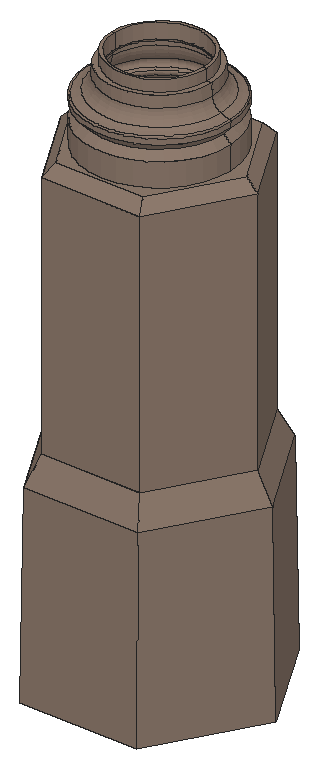
Revit family "CB1600", category Generic Models, Revit 2014
Parameters
  BASE = Bronze, Architectural
Reference planes (in)
  plane 1 "Center (Front/Back)": y = 0
  plane 2: z = 0
  plane 3 "Center (Left/Right)": x = 0
Forms (in)
  Revolve 1, solid, material "Bronze, Architectural" <- "BASE"
    sketch origin (0, 0, 0) x (1, 0, 0) y (0, 0, 1)
      loop
        line (-2.125, 25.25) -> (-2.125, 24.75) -> (-2.375, 24.75) -> (-2.39608, 24.25309)
        arc (-2.39608, 24.25309) -> (-2.50637, 23.91801) -> (-2.76385, 23.67687) r 0.71268
        arc (-2.76385, 23.67687) -> (-2.95617, 23.58909) -> (-3.15937, 23.53077) r 1.423
        arc (-3.15937, 23.53077) -> (-3.20153, 23.51142) -> (-3.21875, 23.46834) r 0.0625
        line (-3.21875, 23.46834) -> (-3.21875, 23.21834) -> (-2.88542, 22.875) -> (-3.21875, 22.54167) -> (-3.21875, 21.5) -> (-2.96875, 21.5) -> (-2.96875, 22.38634)
        arc (-2.96875, 22.38634) -> (-2.95923, 22.43417) -> (-2.93214, 22.47472) r 0.125
        line (-2.93214, 22.47472) -> (-2.62025, 22.78661)
        arc (-2.62025, 22.78661) -> (-2.58355, 22.87485) -> (-2.62025, 22.9631) r 0.12444
        line (-2.62025, 22.9631) -> (-2.71206, 23.05519)
        arc (-2.71206, 23.05519) -> (-2.78153, 23.27475) -> (-2.64248, 23.45831) r 0.25061
        arc (-2.64248, 23.45831) -> (-2.2954, 23.78568) -> (-2.14646, 24.23894) r 0.96969
        line (-2.14646, 24.23894) -> (-2.13797, 24.43917)
        arc (-2.13797, 24.43917) -> (-2.114, 24.48667) -> (-2.0625, 24.5) r 0.06451
        arc (-2.0625, 24.5) -> (-2.01831, 24.51831) -> (-2, 24.5625) r 0.0625
        line (-2, 24.5625) -> (-2, 25.25) -> (-2.125, 25.25)
      axis (0, 25.25) -> (0, 21.5)
    angle from 0 to 360
  SweptBlend 2, solid, material "Bronze, Architectural" <- "BASE"
    path origin (0, 0, 0) x (1, 0, 0) y (0, 0, 1)
      loop
        line (0, 8.625) -> (0, 0)
    profile origin (0, 0, 8.625) x (0, -1, 0) y (1, 0, 0)
      loop
        line (0, 5.1302) -> (-4.44289, 2.5651) -> (-4.44289, -2.5651) -> (0, -5.1302) -> (4.44289, -2.5651) -> (4.44289, 2.5651) -> (0, 5.1302)
    end profile origin (0, 0, 0) x (0, -1, 0) y (1, 0, 0)
      loop
        line (0, 5.25) -> (-4.54663, 2.625) -> (-4.54663, -2.625) -> (0, -5.25) -> (4.54663, -2.625) -> (4.54663, 2.625) -> (0, 5.25)
  SweptBlend 3, solid, material "Bronze, Architectural" <- "BASE"
    path origin (0, 0, 0) x (1, 0, 0) y (0, 0, 1)
      loop
        line (0, 9.875) -> (0, 8.625)
    profile origin (0, 0, 9.875) x (0, -1, 0) y (1, 0, 0)
      loop
        line (0, 4.45121) -> (-3.85486, 2.2256) -> (-3.85486, -2.2256) -> (0, -4.45121) -> (3.85486, -2.2256) -> (3.85486, 2.2256) -> (0, 4.45121)
    end profile origin (0, 0, 8.625) x (0, -1, 0) y (1, 0, 0)
      loop
        line (0, 5.1302) -> (-4.44289, 2.5651) -> (-4.44289, -2.5651) -> (0, -5.1302) -> (4.44289, -2.5651) -> (4.44289, 2.5651) -> (0, 5.1302)
  Extrusion 4, solid, material "Bronze, Architectural" <- "BASE"
    sketch origin (0, 0, 0) x (1, 0, 0) y (0, 1, 0)
      loop
        line (-2.2256, 3.85486) -> (-4.45121, 0) -> (-2.2256, -3.85486) -> (2.2256, -3.85486) -> (4.45121, 0) -> (2.2256, 3.85486) -> (-2.2256, 3.85486)
    from 9.875 to 21
  SweptBlend 5, solid, material "Bronze, Architectural" <- "BASE"
    path origin (0, 0, 0) x (1, 0, 0) y (0, 0, 1)
      loop
        line (0, 21.5) -> (0, 21)
    profile origin (0, 0, 21.5) x (0, -1, 0) y (1, 0, 0)
      loop
        line (0, 3.9231) -> (-3.3975, 1.96155) -> (-3.3975, -1.96155) -> (0, -3.9231) -> (3.3975, -1.96155) -> (3.3975, 1.96155) -> (0, 3.9231)
    end profile origin (0, 0, 21) x (0, -1, 0) y (1, 0, 0)
      loop
        line (0, 4.45121) -> (-3.85486, 2.2256) -> (-3.85486, -2.2256) -> (0, -4.45121) -> (3.85486, -2.2256) -> (3.85486, 2.2256) -> (0, 4.45121)
Dimensions and locks (in)
  aligned and locked: plane 2 to level
